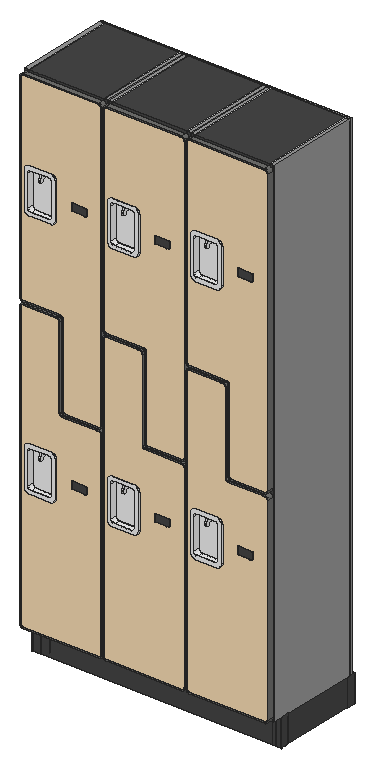
Revit family "Wood_Lockers-Salsbury_Industries-37000_Series-3_Wide_Units", category Specialty Equipment, Revit 2016 (continued)
Definition of nested family "Wood Locker S-Style Top Doors"
  Forms (in)
    Extrusion 11, void
      sketch origin (-2.9375, 0, 0) x (0, 0, -1) y (0, -1, 0)
        loop
          circle (-29.687, 0) r 0.175
      from -0.156 to 0.156
    Extrusion 12, solid, detail levels fine
      sketch origin (0, 0.375, 0) x (1, 0, 0) y (0, 0, 1)
        loop
          circle (-5.4125, 41.537) r 0.25
      from 0 to -0.25
    Extrusion 13, solid, detail levels fine
      sketch origin (0, 0.375, 0) x (1, 0, 0) y (0, 0, 1)
        loop
          line (5.3125, 38.812) -> (5.3125, 39.312) -> (4.8125, 39.312) -> (4.8125, 38.812) -> (5.3125, 38.812)
      from 0 to -0.25
    Extrusion 14, solid, detail levels fine
      sketch origin (0, 0.375, -0.25) x (1, 0, 0) y (0, 0, 1)
        loop
          line (5.3125, 3) -> (5.3125, 3.5) -> (4.8125, 3.5) -> (4.8125, 3) -> (5.3125, 3)
      from 0 to -0.25
    Extrusion 15, solid, visible <- "Visible Center Hinge", detail levels fine
      sketch origin (0, 0.375, -0.25) x (1, 0, 0) y (0, 0, 1)
        loop
          line (5.3125, 21.031) -> (5.3125, 21.531) -> (4.8125, 21.531) -> (4.8125, 21.031) -> (5.3125, 21.031)
      from 0 to -0.25
  Cuts and joins
    Extrusion 5, Extrusion 7, Extrusion 11 cuts Extrusion 1
    Extrusion 5, Extrusion 7 cuts Extrusion 3
    Extrusion 7 cuts Extrusion 2
    Extrusion 9, Extrusion 11 cuts Extrusion 8
    Extrusion 11 cuts Sweep 4
    Extrusion 11 cuts Extrusion 10
  Lines and regions (in)
    symbolic lines
      curve 1: line (-5.9375, 0.375, 41.937) -> (5.9375, 0.375, 41.937)
      curve 2: line (-5.9375, -0.375, 41.937) -> (-5.9375, 0.375, 41.937)
      curve 3: line (5.9375, -0.375, 41.937) -> (-5.9375, -0.375, 41.937)
      curve 4: line (5.9375, 0.375, 41.937) -> (5.9375, -0.375, 41.937)
      curve 5: line (-5.6625, 0.375, 41.937) -> (-5.6625, 0.625, 41.937)
      curve 6: line (-5.1616175, 0.375, 41.937) -> (-5.1616175, 0.625, 41.937)
      curve 7: line (-5.1616175, 0.625, 41.937) -> (-5.6625, 0.625, 41.937)
      curve 8: line (4.8125, 0.375, 41.937) -> (4.8125, 0.625, 41.937)
      curve 9: line (5.3125, 0.375, 41.937) -> (5.3125, 0.625, 41.937)
      curve 10: line (5.3125, 0.625, 41.937) -> (4.8125, 0.625, 41.937)
      curve 11: line (-5.1875, -0.375, 41.937) -> (-5.1875, -0.5, 41.937)
      curve 12: line (-5.1875, -0.5, 41.937) -> (-0.6875, -0.5, 41.937)
      curve 13: line (-0.6875, -0.5, 41.937) -> (-0.6875, -0.375, 41.937)
      curve 14: line (-2.9375, -0.375, 42.062) -> (-2.9375, 0.375, 42.062)
      curve 15: line (-2.9375, -0.375, 0) -> (-2.9375, -0.375, 42.062)
      curve 16: line (-2.9375, 0.375, 0) -> (-2.9375, -0.375, 0)
      curve 17: line (-2.9375, 0.375, 42.062) -> (-2.9375, 0.375, 0)
      curve 18: line (-2.9375, 0.375, 41.2876719) -> (-2.9375, 0.625, 41.2876719)
      curve 19: line (-2.9375, 0.625, 41.2876719) -> (-2.9375, 0.625, 41.787)
      curve 20: line (-2.9375, 0.625, 41.787) -> (-2.9375, 0.375, 41.787)
      curve 21: line (-2.9375, -0.375, 30.562) -> (-2.9375, -0.5, 30.562)
      curve 22: line (-2.9375, -0.5, 30.562) -> (-2.9375, -0.5, 24.062)
      curve 23: line (-2.9375, -0.5, 24.062) -> (-2.9375, -0.375, 24.062)
      curve 24: line (-2.9375, 0.375, 39.312) -> (-2.9375, 0.625, 39.312)
      curve 25: line (-2.9375, 0.625, 39.312) -> (-2.9375, 0.625, 38.812)
      curve 26: line (-2.9375, 0.625, 38.812) -> (-2.9375, 0.375, 38.812)
      curve 27: line (-2.9375, 0.375, 3.25) -> (-2.9375, 0.625, 3.25)
      curve 28: line (-2.9375, 0.625, 3.25) -> (-2.9375, 0.625, 2.75)
      curve 29: line (-2.9375, 0.625, 2.75) -> (-2.9375, 0.375, 2.75)
      curve 30: arc (-5.9375, 0.375, 41.537) -> (-5.7837311, 0.375, 41.9082311) -> (-5.4125, 0.375, 42.062) r 0.525
      curve 31: arc (5.9375, 0.375, 41.537) -> (5.7837311, 0.375, 41.9082311) -> (5.4125, 0.375, 42.062) r 0.525
      curve 32: arc (-5.4125, 0.375, 12.562) -> (-5.7837311, 0.375, 12.7157689) -> (-5.9375, 0.375, 13.087) r 0.525
      curve 33: arc (-0.1495, 0.375, 12.562) -> (0.0449544, 0.375, 12.4814544) -> (0.1255, 0.375, 12.287) r 0.275
      curve 34: arc (5.4125, 0.375, 0) -> (5.7837311, 0.375, 0.1537689) -> (5.9375, 0.375, 0.525) r 0.525
      curve 35: arc (0.6505, 0.375, 0) -> (0.2792689, 0.375, 0.1537689) -> (0.1255, 0.375, 0.525) r 0.525
      curve 36: line (0.6505, 0.375, 0) -> (5.4125, 0.375, 0)
      curve 37: line (5.9375, 0.375, 0.525) -> (5.9375, 0.375, 41.537)
      curve 38: line (5.4125, 0.375, 42.062) -> (-5.4125, 0.375, 42.062)
      curve 39: line (-5.9375, 0.375, 41.537) -> (-5.9375, 0.375, 13.087)
      curve 40: line (-5.4125, 0.375, 12.562) -> (-0.1495, 0.375, 12.562)
      curve 41: line (0.1255, 0.375, 12.287) -> (0.1255, 0.375, 0.525)
      curve 42: arc (1.5, 0.375, 27.6943424) -> (1.5436872, 0.375, 27.7998128) -> (1.6491576, 0.375, 27.8435) r 0.1491576
      curve 43: arc (1.6491576, 0.375, 26.7805) -> (1.5436872, 0.375, 26.8241872) -> (1.5, 0.375, 26.9296576) r 0.1491576
      curve 44: arc (3.6008424, 0.375, 26.7805) -> (3.7063128, 0.375, 26.8241872) -> (3.75, 0.375, 26.9296576) r 0.1491576
      curve 45: arc (3.75, 0.375, 27.6943424) -> (3.7063128, 0.375, 27.7998128) -> (3.6008424, 0.375, 27.8435) r 0.1491576
      curve 46: line (3.6008424, 0.375, 27.8435) -> (1.6491576, 0.375, 27.8435)
      curve 47: line (1.5, 0.375, 27.6943424) -> (1.5, 0.375, 26.9296576)
      curve 48: line (1.6491576, 0.375, 26.7805) -> (3.6008424, 0.375, 26.7805)
      curve 49: line (3.75, 0.375, 26.9296576) -> (3.75, 0.375, 27.6943424)
      curve 50: arc (-5.1875, 0.375, 29.812) -> (-4.9678301, 0.375, 30.3423301) -> (-4.4375, 0.375, 30.562) r 0.75
      curve 51: arc (-0.6875, 0.375, 29.812) -> (-0.9071699, 0.375, 30.3423301) -> (-1.4375, 0.375, 30.562) r 0.75
      curve 52: arc (-1.4375, 0.375, 24.062) -> (-0.9071699, 0.375, 24.2816699) -> (-0.6875, 0.375, 24.812) r 0.75
      curve 53: arc (-4.4375, 0.375, 24.062) -> (-4.9678301, 0.375, 24.2816699) -> (-5.1875, 0.375, 24.812) r 0.75
      curve 54: line (-4.4375, 0.375, 24.062) -> (-1.4375, 0.375, 24.062)
      curve 55: line (-0.6875, 0.375, 24.812) -> (-0.6875, 0.375, 29.812)
      curve 56: line (-1.4375, 0.375, 30.562) -> (-4.4375, 0.375, 30.562)
      curve 57: line (-5.1875, 0.375, 29.812) -> (-5.1875, 0.375, 24.812)
      curve 58: arc (-4.6875, 0.375, 29.562) -> (-4.5410534, 0.375, 29.9155534) -> (-4.1875, 0.375, 30.062) r 0.5
      curve 59: arc (-1.1875, 0.375, 29.562) -> (-1.3339466, 0.375, 29.9155534) -> (-1.6875, 0.375, 30.062) r 0.5
      curve 60: arc (-1.6875, 0.375, 24.562) -> (-1.3339466, 0.375, 24.7084466) -> (-1.1875, 0.375, 25.062) r 0.5
      curve 61: arc (-4.1875, 0.375, 24.562) -> (-4.5410534, 0.375, 24.7084466) -> (-4.6875, 0.375, 25.062) r 0.5
      curve 62: line (-4.6875, 0.375, 29.562) -> (-4.6875, 0.375, 25.062)
      curve 63: line (-4.1875, 0.375, 24.562) -> (-1.6875, 0.375, 24.562)
      curve 64: line (-1.1875, 0.375, 25.062) -> (-1.1875, 0.375, 29.562)
      curve 65: line (-1.6875, 0.375, 30.062) -> (-4.1875, 0.375, 30.062)
      curve 66: line (-3.0935, 0.375, 30.062) -> (-3.0935, 0.375, 28.937)
      curve 67: line (-3.0935, 0.375, 28.937) -> (-2.7815, 0.375, 28.937)
      curve 68: line (-2.7815, 0.375, 28.937) -> (-2.7815, 0.375, 30.062)
  Dimensions and locks (in)
    equal spacing: plane 4 "Left Side of Door", plane 3 "Center (Left/Right)", plane 5 "Right Side of Door"
    "Width": plane 4 "Left Side of Door" to plane 5 "Right Side of Door"
    equal spacing: plane 7 "Front of Door", plane 1 "Center (Front/Back)", plane 6 "Back of Door"
    "Depth": plane 7 "Front of Door" to plane 6 "Back of Door"
    equal spacing: plane 9 "Top of Door", plane 10 "Center of Door", plane 8 "Bottom of Door"
    "Height": plane 9 "Top of Door" to plane 8 "Bottom of Door"
    equal spacing: plane 11 "Top of Number Tag", plane 16 "Center of Number Tag", plane 12 "Bottom of Number Tag"
    "Number Tag Height": plane 11 "Top of Number Tag" to plane 12 "Bottom of Number Tag"
    equal spacing: plane 14 "Right Side of Number Tag", plane 15 "Horizontal Center of Number Tag", plane 13 "Left Side of Number Tag"
    "Number Tag Width": plane 14 "Right Side of Number Tag" to plane 13 "Left Side of Number Tag"
    "Number Tag-Horizontal Offset": plane 15 "Horizontal Center of Number Tag" to plane 5 "Right Side of Door"
    "Number Tag-Vertical Offset": plane 9 "Top of Door" to plane 16 "Center of Number Tag"
    locked: plane 4 "Left Side of Door" to plane 17 "Left Side of Hasp" at 0.75
    equal spacing: plane 20 "Top of Hasp", plane 19 "Hasp Vertical Center", plane 21 "Bottom of Hasp", locked at 3.25 each
    plane 20 "Top of Hasp" to plane 21 "Bottom of Hasp" = 6.500"
    plane 22 "Front of Hasp" to plane 7 "Front of Door" = 0.125"
    locked: plane 24 "Right Side of Door-Left Side of Trim" to plane 5 "Right Side of Door" at 0.125
    locked: plane 4 "Left Side of Door" to plane 23 "Left Side of Door-Right Side of Trim" at 0.125
    locked: plane 9 "Top of Door" to plane 25 "Top of Door-Bottom of Trim" at 0.125
    locked: plane 26 "Bottom of Door-Top of Trim" to plane 8 "Bottom of Door" at 0.125
    plane 28 "Melamine-Particleboard Line" to plane 6 "Back of Door" = 0.031"
    plane 7 "Front of Door" to plane 27 "Laminate-Particleboard Line" = 0.031"
    plane 27 "Laminate-Particleboard Line" to plane 29 "Back of Number Plate Inset" = 0.031"
    equal spacing: plane 18 "Right Side of Hasp", plane 30 "Center of Hasp", plane 17 "Left Side of Hasp"
    locked: plane 18 "Right Side of Hasp" to plane 17 "Left Side of Hasp" at 4.5
    plane 20 "Top of Hasp" to plane 33 "Hasp Inset-Top" = 0.500"
    plane 34 "Hasp Inset-Bottom" to plane 21 "Bottom of Hasp" = 0.500"
    plane 31 "Hasp Inset-Left" to plane 17 "Left Side of Hasp" = 0.500"
    plane 20 "Top of Hasp" to plane 36 to plane 35 to plane 33 "Hasp Inset-Top" = 0.156", 0.188", 0.156"
    plane 37 "Hasp Letters - Left Side" to plane 30 "Center of Hasp" to plane 38 "Hasp Letters - Right Side" = 0.906", 0.906"
    plane 32 "Hasp Inset-Right" to plane 18 "Right Side of Hasp" = 0.500"
    plane 40 "Hasp Handle - Right Side" to plane 30 "Center of Hasp" to plane 39 "Hasp Handle - Left Side" = 0.156", 0.156"
    plane 33 "Hasp Inset-Top" to plane 42 "Hasp Handle - Lip" to plane 43 "Hasp Handle - Lock Area Bottom" to plane 41 "Hasp Handle - Bottom" = 0.688", 0.062", 0.375"
    plane 48 "Top of Hasp Hole" to plane 33 "Hasp Inset-Top" to plane 44 "Hasp Handle - Center of Lock Hole" = 0.063", 0.375"
    plane 22 "Front of Hasp" to plane 45 = 0.312"
    plane 6 "Back of Door" to plane 46 "Door Stopper Plane" = 0.250"
    plane 32 "Hasp Inset-Right" to plane 50 "Right Side of Hasp Hole" = 0.0625"
    plane 34 "Hasp Inset-Bottom" to plane 47 "Bottom of Hasp Hole" = 0.063"
    plane 49 "Left Side of Hasp Hole" to plane 31 "Hasp Inset-Left" = 0.063"
    locked: plane 23 "Left Side of Door-Right Side of Trim" to plane 51 at 0.4
    locked: plane 25 "Top of Door-Bottom of Trim" to plane 52 at 0.4
    plane 54 to plane 5 "Right Side of Door" = 0.625"
    plane 59 to plane 57 = 0.125"
    plane 58 to plane 56 "Long Panel Edge" = 3.250"
    plane 9 "Top of Door" to plane 53 "Top Hinge" = 3.000"
    "Short Panel Edge": plane 9 "Top of Door" to plane 57
    "Long Panel Edge": plane 56 "Long Panel Edge" to plane 5 "Right Side of Door"
    Extrusion 2 sketch curve to plane 5 "Right Side of Door" = 0.125"
    plane 56 "Long Panel Edge" to plane 60 = 0.125"
    "Hasp Vertical Offset": plane 9 "Top of Door" to plane 19 "Hasp Vertical Center"
    aligned and locked: level to plane 2
    aligned and locked: Extrusion 5 to plane 11 "Top of Number Tag"
    aligned and locked: plane 12 "Bottom of Number Tag" to Extrusion 5
    aligned and locked: plane 14 "Right Side of Number Tag" to Extrusion 5
    aligned and locked: Extrusion 5 to plane 13 "Left Side of Number Tag"
    aligned and locked: Extrusion 5 to plane 29 "Back of Number Plate Inset"
    aligned and locked: plane 7 "Front of Door" to Extrusion 5
    aligned and locked: Extrusion 6 to plane 29 "Back of Number Plate Inset"
    aligned and locked: plane 7 "Front of Door" to Extrusion 6
    aligned and locked: plane 14 "Right Side of Number Tag" to Extrusion 6
    aligned and locked: Extrusion 6 to plane 13 "Left Side of Number Tag"
    aligned and locked: Extrusion 6 to plane 11 "Top of Number Tag"
    aligned and locked: plane 12 "Bottom of Number Tag" to Extrusion 6
    aligned and locked: cut or joined group of Extrusion 3, Extrusion 5, Extrusion 7 to plane 48 "Top of Hasp Hole"
    aligned and locked: plane 47 "Bottom of Hasp Hole" to cut or joined group of Extrusion 3, Extrusion 5, Extrusion 7
    aligned and locked: plane 49 "Left Side of Hasp Hole" to cut or joined group of Extrusion 3, Extrusion 5, Extrusion 7
    aligned and locked: cut or joined group of Extrusion 3, Extrusion 5, Extrusion 7 to plane 50 "Right Side of Hasp Hole"
    aligned and locked: Extrusion 10 to plane 33 "Hasp Inset-Top"
    aligned and locked: plane 41 "Hasp Handle - Bottom" to Extrusion 10
    aligned and locked: curve 1 to cut or joined group of Sweep 4, Extrusion 11
    aligned and locked: curve 2 to cut or joined group of Sweep 4, Extrusion 11
    aligned and locked: curve 3 to cut or joined group of Sweep 4, Extrusion 11
    aligned and locked: curve 4 to cut or joined group of Sweep 4, Extrusion 11
    aligned and locked: plane 46 "Door Stopper Plane" to curve 5
    aligned and locked: curve 7 to Extrusion 12
    aligned and locked: curve 1 to curve 8
    aligned and locked: curve 8 to Extrusion 13
    aligned and locked: curve 9 to Extrusion 13
    aligned and locked: curve 10 to Extrusion 13
    aligned and locked: plane 17 "Left Side of Hasp" to curve 11
    aligned and locked: curve 12 to cut or joined group of Extrusion 8, Extrusion 9, Extrusion 11
    aligned and locked: curve 13 to cut or joined group of Extrusion 8, Extrusion 9, Extrusion 11
    aligned and locked: curve 14 to cut or joined group of Sweep 4, Extrusion 11
    aligned and locked: curve 15 to cut or joined group of Sweep 4, Extrusion 11
    aligned and locked: curve 16 to cut or joined group of Sweep 4, Extrusion 11
    aligned and locked: curve 17 to cut or joined group of Sweep 4, Extrusion 11
    aligned and locked: curve 19 to Extrusion 12
    aligned and locked: plane 20 "Top of Hasp" to curve 21
    aligned and locked: curve 22 to cut or joined group of Extrusion 8, Extrusion 9, Extrusion 11
    aligned and locked: curve 23 to cut or joined group of Extrusion 8, Extrusion 9, Extrusion 11
    aligned and locked: curve 24 to Extrusion 13  (x2)
    aligned and locked: curve 26 to Extrusion 13
    aligned and locked: curve 17 to curve 27
    aligned and locked: curve 27 to Extrusion 14
    aligned and locked: curve 28 to Extrusion 14
    aligned and locked: curve 29 to Extrusion 14
    aligned and locked: cut or joined group of Sweep 4, Extrusion 11 to curve 30
    aligned and locked: curve 30 to cut or joined group of Sweep 4, Extrusion 11
    aligned and locked: curve 31 to cut or joined group of Sweep 4, Extrusion 11
    aligned and locked: cut or joined group of Sweep 4, Extrusion 11 to curve 32
    aligned and locked: curve 32 to cut or joined group of Sweep 4, Extrusion 11
    aligned and locked: curve 33 to cut or joined group of Sweep 4, Extrusion 11
    aligned and locked: curve 34 to cut or joined group of Sweep 4, Extrusion 11
    aligned and locked: cut or joined group of Sweep 4, Extrusion 11 to curve 35
    aligned and locked: curve 35 to cut or joined group of Sweep 4, Extrusion 11
    aligned and locked: curve 37 to cut or joined group of Sweep 4, Extrusion 11
    aligned and locked: curve 38 to cut or joined group of Sweep 4, Extrusion 11
    aligned and locked: curve 41 to cut or joined group of Sweep 4, Extrusion 11
    aligned and locked: cut or joined group of Extrusion 1, Extrusion 5, Extrusion 7, Extrusion 11 to curve 42
    aligned and locked: curve 42 to cut or joined group of Extrusion 1, Extrusion 5, Extrusion 7, Extrusion 11
    aligned and locked: curve 43 to cut or joined group of Extrusion 1, Extrusion 5, Extrusion 7, Extrusion 11
    aligned and locked: curve 45 to cut or joined group of Extrusion 1, Extrusion 5, Extrusion 7, Extrusion 11
    aligned and locked: curve 46 to cut or joined group of Extrusion 1, Extrusion 5, Extrusion 7, Extrusion 11
    aligned and locked: curve 48 to cut or joined group of Extrusion 1, Extrusion 5, Extrusion 7, Extrusion 11
    aligned and locked: curve 49 to cut or joined group of Extrusion 1, Extrusion 5, Extrusion 7, Extrusion 11
    aligned and locked: cut or joined group of Extrusion 8, Extrusion 9, Extrusion 11 to curve 50
    aligned and locked: cut or joined group of Extrusion 8, Extrusion 9, Extrusion 11 to curve 51
    aligned and locked: curve 51 to cut or joined group of Extrusion 8, Extrusion 9, Extrusion 11
    aligned and locked: cut or joined group of Extrusion 8, Extrusion 9, Extrusion 11 to curve 52
    aligned and locked: curve 52 to cut or joined group of Extrusion 8, Extrusion 9, Extrusion 11
    aligned and locked: cut or joined group of Extrusion 8, Extrusion 9, Extrusion 11 to curve 53
    aligned and locked: curve 54 to cut or joined group of Extrusion 8, Extrusion 9, Extrusion 11
    aligned and locked: curve 57 to cut or joined group of Extrusion 8, Extrusion 9, Extrusion 11
    aligned and locked: curve 59 to cut or joined group of Extrusion 8, Extrusion 9, Extrusion 11
    aligned and locked: cut or joined group of Extrusion 8, Extrusion 9, Extrusion 11 to curve 59
    aligned and locked: curve 60 to cut or joined group of Extrusion 8, Extrusion 9, Extrusion 11
    aligned and locked: curve 61 to cut or joined group of Extrusion 8, Extrusion 9, Extrusion 11
    aligned and locked: curve 62 to cut or joined group of Extrusion 8, Extrusion 9, Extrusion 11
    aligned and locked: curve 63 to cut or joined group of Extrusion 8, Extrusion 9, Extrusion 11
    aligned and locked: curve 64 to cut or joined group of Extrusion 8, Extrusion 9, Extrusion 11
    aligned and locked: curve 65 to curve 66
    aligned and locked: curve 66 to cut or joined group of Extrusion 10, Extrusion 11
    aligned and locked: curve 67 to cut or joined group of Extrusion 10, Extrusion 11
    aligned and locked: curve 68 to cut or joined group of Extrusion 10, Extrusion 11
  Automatic sketch dimensions
    Extrusion 5 sketch curve to plane 13 "Left Side of Number Tag" = 0.000"
    Extrusion 5 sketch curve to plane 12 "Bottom of Number Tag" = 0.000"
    Extrusion 5 sketch curve to plane 11 "Top of Number Tag" = 0.000"
    Extrusion 5 sketch curve to plane 14 "Right Side of Number Tag" = 0.000"
    Extrusion 5 sketch curve to Extrusion 5 sketch curve = 0.14916"  (x3)
    plane 11 "Top of Number Tag" to Extrusion 5 sketch curve = 0.14916"
    plane 13 "Left Side of Number Tag" to Extrusion 6 sketch curve = 0.000"
    plane 11 "Top of Number Tag" to Extrusion 6 sketch curve = 0.000"
    plane 13 "Left Side of Number Tag" to Extrusion 6 sketch curve = 0.14916"  (x2)
    Extrusion 6 sketch curve to plane 14 "Right Side of Number Tag" = 0.14916"
    Extrusion 6 sketch curve to plane 14 "Right Side of Number Tag" = 0.000"
    Extrusion 6 sketch curve to plane 12 "Bottom of Number Tag" = 0.14916"
    Extrusion 6 sketch curve to plane 12 "Bottom of Number Tag" = 0.000"
    plane 31 "Hasp Inset-Left" to Extrusion 7 sketch curve = 0.063"
    plane 34 "Hasp Inset-Bottom" to Extrusion 7 sketch curve = 0.063"
    Extrusion 7 sketch curve to plane 33 "Hasp Inset-Top" = 0.063"
    Extrusion 7 sketch curve to plane 32 "Hasp Inset-Right" = 0.0625"
    Extrusion 7 sketch curve to plane 31 "Hasp Inset-Left" = 0.437"
    plane 37 "Hasp Letters - Left Side" to Extrusion 7 sketch curve = 0.407"
    Extrusion 7 sketch curve to plane 38 "Hasp Letters - Right Side" = 0.4065"
    Extrusion 7 sketch curve to Extrusion 7 sketch curve = 0.500"
    Extrusion 8 sketch curve to plane 18 "Right Side of Hasp" = 0.000"
    Extrusion 8 sketch curve to plane 20 "Top of Hasp" = 0.000"
    Extrusion 8 sketch curve to plane 21 "Bottom of Hasp" = 0.000"
    Extrusion 8 sketch curve to plane 17 "Left Side of Hasp" = 0.000"
    plane 32 "Hasp Inset-Right" to Extrusion 8 sketch curve = 0.250"
    Extrusion 8 sketch curve to plane 44 "Hasp Handle - Center of Lock Hole" = 0.125"
    Extrusion 8 sketch curve to plane 31 "Hasp Inset-Left" = 0.250"  (x2)
    plane 31 "Hasp Inset-Left" to Extrusion 9 sketch curve = 0.000"
    Extrusion 9 sketch curve to plane 33 "Hasp Inset-Top" = 0.000"
    Extrusion 9 sketch curve to plane 34 "Hasp Inset-Bottom" = 0.000"
    plane 32 "Hasp Inset-Right" to Extrusion 9 sketch curve = 0.000"
    plane 37 "Hasp Letters - Left Side" to Extrusion 9 sketch curve = 0.344"  (x2)
    Extrusion 9 sketch curve to plane 38 "Hasp Letters - Right Side" = 0.344"
    plane 44 "Hasp Handle - Center of Lock Hole" to Extrusion 9 sketch curve = 0.125"
    Extrusion 10 sketch curve to plane 28 "Melamine-Particleboard Line" = 0.000"
    plane 33 "Hasp Inset-Top" to Extrusion 10 sketch curve = 0.000"
    Extrusion 10 sketch curve to plane 27 "Laminate-Particleboard Line" = 0.000"
    plane 43 "Hasp Handle - Lock Area Bottom" to Extrusion 10 sketch curve = 0.000"
    Extrusion 10 sketch curve to plane 22 "Front of Hasp" = 0.000"
    Extrusion 10 sketch curve to plane 45 = 0.000"
    plane 41 "Hasp Handle - Bottom" to Extrusion 10 sketch curve = 0.000"
    Extrusion 10 sketch curve to plane 42 "Hasp Handle - Lip" = 0.07049"
    Extrusion 10 sketch curve to plane 42 "Hasp Handle - Lip" = 0.06247"
    plane 43 "Hasp Handle - Lock Area Bottom" to Extrusion 10 sketch curve = 0.02394"
    plane 1 "Center (Front/Back)" to Extrusion 10 sketch curve = 0.063"
    Extrusion 10 sketch curve to plane 41 "Hasp Handle - Bottom" = 0.09888"  (x2)
    Extrusion 10 sketch curve to plane 29 "Back of Number Plate Inset" = 0.03992"
    Extrusion 10 sketch curve to Extrusion 10 sketch curve = 0.100"
    plane 7 "Front of Door" to Extrusion 10 sketch curve = 0.04375"
    Extrusion 11 sketch curve to plane 1 "Center (Front/Back)" = 0.000"
    plane 44 "Hasp Handle - Center of Lock Hole" to Extrusion 11 sketch curve = 0.000"
    Extrusion 12 sketch curve to plane 51 = 0.000"
    Extrusion 12 sketch curve to plane 52 = 0.000"
    plane 53 "Top Hinge" to Extrusion 13 sketch curve = 0.250"
    plane 54 to Extrusion 13 sketch curve = 0.000"
    Extrusion 13 sketch curve to plane 53 "Top Hinge" = 0.250"
    plane 54 to Extrusion 13 sketch curve = 0.500"
    plane 55 "Bottom Hinge" to Extrusion 14 sketch curve = 0.250"
    plane 54 to Extrusion 14 sketch curve = 0.000"
    plane 54 to Extrusion 14 sketch curve = 0.500"
    Extrusion 14 sketch curve to plane 55 "Bottom Hinge" = 0.250"
    plane 10 "Center of Door" to Extrusion 15 sketch curve = 0.250"
    plane 54 to Extrusion 15 sketch curve = 0.000"
    plane 54 to Extrusion 15 sketch curve = 0.500"
    Extrusion 15 sketch curve to plane 10 "Center of Door" = 0.250"
    plane 23 "Left Side of Door-Right Side of Trim" to Extrusion 3 sketch curve = 0.000"
    Extrusion 3 sketch curve to plane 25 "Top of Door-Bottom of Trim" = 0.000"
    plane 51 to Extrusion 3 sketch curve = 0.000"  (x2)
    Extrusion 3 sketch curve to plane 59 = 0.000"
    plane 60 to Extrusion 3 sketch curve = 0.000"
    Extrusion 3 sketch curve to plane 26 "Bottom of Door-Top of Trim" = 0.000"
    Extrusion 3 sketch curve to plane 52 = 0.000"
    plane 24 "Right Side of Door-Left Side of Trim" to Extrusion 3 sketch curve = 0.000"
    Extrusion 3 sketch curve to plane 3 "Center (Left/Right)" = 0.1495"
    Extrusion 3 sketch curve to plane 60 = 0.400"
    Extrusion 3 sketch curve to plane 54 = 0.100"
    plane 23 "Left Side of Door-Right Side of Trim" to Extrusion 1 sketch curve = 0.000"
    plane 51 to Extrusion 1 sketch curve = 0.000"  (x2)
    Extrusion 1 sketch curve to plane 25 "Top of Door-Bottom of Trim" = 0.000"
    Extrusion 1 sketch curve to plane 59 = 0.000"
    plane 60 to Extrusion 1 sketch curve = 0.000"
    Extrusion 1 sketch curve to plane 26 "Bottom of Door-Top of Trim" = 0.000"
    Extrusion 1 sketch curve to plane 52 = 0.000"
    plane 24 "Right Side of Door-Left Side of Trim" to Extrusion 1 sketch curve = 0.000"
    Extrusion 1 sketch curve to plane 3 "Center (Left/Right)" = 0.1495"
    Extrusion 1 sketch curve to plane 60 = 0.400"
    Extrusion 1 sketch curve to plane 54 = 0.100"
    plane 23 "Left Side of Door-Right Side of Trim" to Extrusion 2 sketch curve = 0.000"
    plane 51 to Extrusion 2 sketch curve = 0.000"  (x2)
    Extrusion 2 sketch curve to plane 25 "Top of Door-Bottom of Trim" = 0.000"
    Extrusion 2 sketch curve to plane 59 = 0.000"
    plane 60 to Extrusion 2 sketch curve = 0.000"
    Extrusion 2 sketch curve to plane 26 "Bottom of Door-Top of Trim" = 0.000"
    Extrusion 2 sketch curve to plane 52 = 0.000"
    Extrusion 2 sketch curve to plane 3 "Center (Left/Right)" = 0.1495"
    Extrusion 2 sketch curve to plane 60 = 0.400"
    Extrusion 2 sketch curve to plane 54 = 0.100"
    Sweep 4 sketch curve to profile plane = 0.000"
    Sweep 4 sketch curve to Sweep 4 sketch curve = 0.125"
    Sweep 4 sketch curve to plane 1 "Center (Front/Back)" = 0.375"
    plane 1 "Center (Front/Back)" to Sweep 4 sketch curve = 0.375"
    plane 23 "Left Side of Door-Right Side of Trim" to Sweep 4 sketch curve = 0.000"
    plane 51 to Sweep 4 sketch curve = 0.000"  (x2)
    Sweep 4 sketch curve to plane 59 = 0.000"
    plane 60 to Sweep 4 sketch curve = 0.000"
    Sweep 4 sketch curve to plane 26 "Bottom of Door-Top of Trim" = 0.000"
    Sweep 4 sketch curve to plane 25 "Top of Door-Bottom of Trim" = 0.000"
    Sweep 4 sketch curve to plane 52 = 0.000"
    plane 24 "Right Side of Door-Left Side of Trim" to Sweep 4 sketch curve = 0.000"
    Sweep 4 sketch curve to plane 3 "Center (Left/Right)" = 0.1495"
    Sweep 4 sketch curve to plane 60 = 0.400"
    Sweep 4 sketch curve to plane 54 = 0.100"
    curve 5 to plane 23 "Left Side of Door-Right Side of Trim" = 0.150"
    plane 17 "Left Side of Hasp" to curve 6 = 0.02588"
    plane 25 "Top of Door-Bottom of Trim" to curve 19 = 0.150"
    curve 19 to plane 52 = 0.24933"
    plane 51 to curve 40 = 0.000"
    plane 51 to curve 30 = 0.000"
    curve 31 to plane 52 = 0.000"
    curve 50 to plane 44 "Hasp Handle - Center of Lock Hole" = 0.125"
    curve 54 to plane 31 "Hasp Inset-Left" = 0.250"
    plane 44 "Hasp Handle - Center of Lock Hole" to curve 58 = 0.125"
    plane 37 "Hasp Letters - Left Side" to curve 63 = 0.344"
    curve 60 to plane 38 "Hasp Letters - Right Side" = 0.344"
    plane 44 "Hasp Handle - Center of Lock Hole" to curve 59 = 0.125"
    plane 32 "Hasp Inset-Right" to curve 52 = 0.250"
    curve 51 to plane 44 "Hasp Handle - Center of Lock Hole" = 0.125"
    curve 33 to plane 3 "Center (Left/Right)" = 0.1495"
    curve 36 to plane 60 = 0.400"
    curve 47 to curve 43 = 0.14916"
    plane 13 "Left Side of Number Tag" to curve 46 = 0.14916"
    curve 46 to plane 14 "Right Side of Number Tag" = 0.14916"
    curve 44 to curve 44 = 0.14916"
    curve 36 to plane 54 = 0.100"
    radius of Extrusion 11 sketch curve = 0.175"
    radius of Extrusion 12 sketch curve = 0.250"
Definition of nested family "Wood Locker Sloping Corner Fillers"
  Parameters (values of type "33377 - for 15" D Lockers")
    Width = 16.875"
    Visible = yes
    Version = "1.0 (2/29/16)"
    Type Comments = "Sloping Hood Corner Filler for Designer Wood Lockers"
    Model = "33377"
    Manufacturer = "Salsbury Industries"
    Laminate Surface = none
    Height = 5.743"
    Description = "For 15\" D Lockers"
    Depth = 16.875"
  Types (8): name | Width | Visible | Version | Type Comments | Model | Manufacturer | Height | Description | Depth
    (no name) | 16.875" | yes | "1.0 (2/29/16)" | "Sloping Hood Corner Filler for Designer Wood Lockers" | "33377" | "Salsbury Industries" | 5.743" | "For 15\" D Lockers" | 16.875"
    33377 - for 15" D Lockers | 16.875" | yes | "1.0 (2/29/16)" | "Sloping Hood Corner Filler for Designer Wood Lockers" | "33377" | "Salsbury Industries" | 5.743" | "For 15\" D Lockers" | 16.875"
    33378 - for 18" D Lockers | 19.875" | yes | "1.0 (2/29/16)" | "Sloping Hood Corner Filler for Designer Wood Lockers" | "33378" | "Salsbury Industries" | 6.868" | "For 18\" D Lockers" | 19.875"
    33371 - for 21" D Lockers | 22.875" | yes | "1.0 (2/29/16)" | "Sloping Hood Corner Filler for Designer Wood Lockers" | "33371" | "Salsbury Industries" | 7.993" | "For 21\" D Lockers" | 22.875"
    22279 - for 24" D Lockers | 25.875" | yes | "1.0 (2/29/16)" | "Sloping Hood Corner Filler for Extra Wide Designer Wood Lockers" | "22279" | "Salsbury Industries" | 9.118" | "For 24\" D Lockers" | 25.875"
    None | 16.875" | no | "" | "" | "" | "" | 5.743" | "" | 16.875"
    22278 - for 18" D Lockers | 19.875" | yes | "1.0 (2/29/16)" | "Sloping Hood Corner Filler for Extra Wide Designer Wood Lockers" | "22278" | "Salsbury Industries" | 6.868" | "For 18\" D Lockers" | 19.875"
    22271 - for 21" D Lockers | 22.875" | yes | "1.0 (2/29/16)" | "Sloping Hood Corner Filler for Extra Wide Designer Wood Lockers" | "22271" | "Salsbury Industries" | 7.993" | "For 21\" D Lockers" | 22.875"
  Reference planes (in)
    plane 1 "Center (Front/Back)": y = -0.8125
    plane 2: z = 0
    plane 3 "Center (Left/Right)": x = 0.8125
    plane 4 "Front of Hood": y = -7
    plane 5 "Right Side of Hood": x = 7
    plane 6 "Bottom of Hood": z = 0
    plane 7 "Black Trim Line": y = -6.969
    plane 8: z = 0.062
    plane 9: z = 0.75
    plane 10 "New Back of Hood": y = 7.625
    plane 11 "New Front of Hood": y = -9.25
    plane 12 "New Left Side": x = -7.625
    plane 13 "New Right Side": x = 9.25
    plane 14 "Top": z = 5.743
    plane 15: x = 6.969
  Forms (in)
    Extrusion 1, solid, visible <- "Visible"
      sketch origin (0.8125, 0, 0) x (0, 1, 0) y (0, 0, 1)
        loop
          line (-5.16023, 0) -> (7.625, 4.9943682) -> (7.625, 5.712) -> (-6.9201912, 0.062) -> (-6.969, 0.062) -> (-6.969, 0) -> (-5.16023, 0)
      from -8.4375 to 8.4375
    Extrusion 2, solid, material <- "Laminate Surface", visible <- "Visible"
      sketch origin (0.8125, 0, 0.0002321) x (0, 1, 0) y (0, 0, 1)
        loop
          line (7.625, 5.7427679) -> (-7, 0.0617679) -> (-6.9201912, 0.0617679) -> (7.625, 5.7117679) -> (7.625, 5.7427679)
      from -8.4375 to 8.4375
    Extrusion 3, void
      sketch origin (0, 0, 0) x (0, -1, 0) y (1, 0, 0)
        loop
          line (7, 7) -> (-7.625, -7.625) -> (7, -7.625) -> (7, 7)
      from 0 to 5.743
    Extrusion 4, solid, visible <- "Visible"
      sketch origin (9.25, 0, 0) x (0, -1, 0) y (0, 0, 1)
        loop
          line (7, 0) -> (7, 0.062) -> (6.969, 0.062) -> (6.969, 0) -> (7, 0)
      from 0 to 2.25
    Extrusion 5, solid, visible <- "Visible"
      sketch origin (-1.125, -0.8125, 0) x (1, 0, 0) y (0, 0, 1)
        loop
          line (6.28523, 0) -> (8.094, 0) -> (8.094, 0.062) -> (8.0451912, 0.062) -> (-6.5, 5.712) -> (-6.5, 4.9943682) -> (6.28523, 0)
      from -8.4375 to 8.4375
    Extrusion 6, solid, material <- "Laminate Surface", visible <- "Visible"
      sketch origin (-1.125, -0.8125, 0) x (1, 0, 0) y (0, 0, 1)
        loop
          line (-6.5, 5.743) -> (-6.5, 5.712) -> (8.0451912, 0.062) -> (8.125, 0.062) -> (-6.5, 5.743)
      from -8.4375 to 8.4375
    Extrusion 7, solid, visible <- "Visible"
      sketch origin (0, -7, 0) x (1, 0, 0) y (0, 0, 1)
        loop
          line (7, 0) -> (7, 0.062) -> (6.969, 0.062) -> (6.969, 0) -> (7, 0)
      from 0 to 2.25
    Extrusion 8, void
      sketch origin (9.25, 0, 0) x (0, -1, 0) y (0, 0, 1)
        loop
          line (-7.625, 0) -> (5.16023, 0) -> (-7.625, 4.9943682) -> (-7.625, 0)
      from 0 to 16.875
  Cuts and joins
    Extrusion 3, Extrusion 8 cuts Extrusion 1
    Extrusion 3 cuts Extrusion 2
    Extrusion 8 cuts Extrusion 5
    Extrusion 8 cuts Extrusion 6
  Dimensions and locks (in)
    locked: plane 4 "Front of Hood" to plane 7 "Black Trim Line" at 0.031
    locked: plane 8 to plane 6 "Bottom of Hood" at 0.062
    locked: plane 9 to plane 6 "Bottom of Hood" at 0.75
    "Height": plane 14 "Top" to plane 6 "Bottom of Hood"
    "Width": plane 12 "New Left Side" to plane 13 "New Right Side"
    "Depth": plane 11 "New Front of Hood" to plane 10 "New Back of Hood"
    equal spacing: plane 12 "New Left Side", plane 3 "Center (Left/Right)", plane 13 "New Right Side"
    equal spacing: plane 11 "New Front of Hood", plane 1 "Center (Front/Back)", plane 10 "New Back of Hood"
    locked: plane 5 "Right Side of Hood" to plane 13 "New Right Side" at 2.25
    locked: plane 11 "New Front of Hood" to plane 4 "Front of Hood" at 2.25
    locked: plane 15 to plane 5 "Right Side of Hood" at 0.031
    aligned and locked: level to plane 2
    aligned and locked: plane 12 "New Left Side" to Extrusion 3
    aligned and locked: Extrusion 2 to plane 13 "New Right Side"
    aligned and locked: plane 12 "New Left Side" to cut or joined group of Extrusion 2, Extrusion 3
    aligned and locked: cut or joined group of Extrusion 2, Extrusion 3 to plane 10 "New Back of Hood"
    aligned and locked: plane 12 "New Left Side" to cut or joined group of Extrusion 1, Extrusion 3, Extrusion 8
    aligned and locked: cut or joined group of Extrusion 1, Extrusion 3, Extrusion 8 to plane 13 "New Right Side"
    aligned and locked: cut or joined group of Extrusion 1, Extrusion 3, Extrusion 8 to plane 10 "New Back of Hood"  (x2)
    aligned and locked: plane 4 "Front of Hood" to cut or joined group of Extrusion 2, Extrusion 3
    aligned and locked: Extrusion 3 to cut or joined group of Extrusion 2, Extrusion 3
    aligned and locked: plane 13 "New Right Side" to cut or joined group of Extrusion 1, Extrusion 3, Extrusion 8
    aligned and locked: plane 5 "Right Side of Hood" to Extrusion 4
    aligned and locked: Extrusion 8 to Extrusion 1  (x2)
    aligned and locked: Extrusion 1 to Extrusion 8
    aligned and locked: cut or joined group of Extrusion 1, Extrusion 3, Extrusion 8 to Extrusion 6
    aligned and locked: plane 11 "New Front of Hood" to Extrusion 6
    aligned and locked: plane 12 "New Left Side" to Extrusion 6
    aligned and locked: plane 11 "New Front of Hood" to Extrusion 5
    aligned and locked: plane 12 "New Left Side" to Extrusion 5
    aligned and locked: cut or joined group of Extrusion 1, Extrusion 3, Extrusion 8 to Extrusion 5
  Automatic sketch dimensions
    Extrusion 1 sketch curve to level = 0.000"
    Extrusion 1 sketch curve to plane 7 "Black Trim Line" = 0.000"
    plane 8 to Extrusion 1 sketch curve = 0.000"
    Extrusion 1 sketch curve to plane 10 "New Back of Hood" = 0.000"
    Extrusion 1 sketch curve to Extrusion 1 sketch curve = 0.04881"
    Extrusion 1 sketch curve to Extrusion 1 sketch curve = 1.75996"
    plane 14 "Top" to Extrusion 1 sketch curve = 0.74863"
    plane 14 "Top" to Extrusion 1 sketch curve = 0.031"
    Extrusion 2 sketch curve to plane 4 "Front of Hood" = 0.000"
    plane 8 to Extrusion 2 sketch curve = 0.000"
    Extrusion 2 sketch curve to plane 10 "New Back of Hood" = 0.000"
    plane 14 "Top" to Extrusion 2 sketch curve = 0.000"
    Extrusion 2 sketch curve to plane 7 "Black Trim Line" = 0.04881"
    plane 14 "Top" to Extrusion 2 sketch curve = 0.031"
    plane 10 "New Back of Hood" to Extrusion 3 sketch curve = 0.000"
    plane 4 "Front of Hood" to Extrusion 3 sketch curve = 0.000"
    Extrusion 3 sketch curve to plane 12 "New Left Side" = 0.000"
    Extrusion 3 sketch curve to plane 5 "Right Side of Hood" = 0.000"
    Extrusion 4 sketch curve to level = 0.000"
    Extrusion 4 sketch curve to plane 7 "Black Trim Line" = 0.000"
    Extrusion 4 sketch curve to plane 4 "Front of Hood" = 0.000"
    plane 8 to Extrusion 4 sketch curve = 0.000"
    Extrusion 5 sketch curve to level = 0.000"
    Extrusion 5 sketch curve to plane 8 = 0.000"
    plane 14 "Top" to Extrusion 5 sketch curve = 0.031"
    Extrusion 5 sketch curve to plane 12 "New Left Side" = 0.000"
    plane 5 "Right Side of Hood" to Extrusion 5 sketch curve = 1.83977"
    plane 5 "Right Side of Hood" to Extrusion 5 sketch curve = 0.07981"
    Extrusion 5 sketch curve to Extrusion 5 sketch curve = 0.04881"
    Extrusion 5 sketch curve to Extrusion 5 sketch curve = 0.71763"
    plane 14 "Top" to Extrusion 6 sketch curve = 0.000"
    Extrusion 6 sketch curve to plane 8 = 0.000"
    Extrusion 6 sketch curve to plane 12 "New Left Side" = 0.000"
    plane 5 "Right Side of Hood" to Extrusion 6 sketch curve = 0.07981"
    Extrusion 6 sketch curve to Extrusion 6 sketch curve = 0.07981"
    plane 14 "Top" to Extrusion 6 sketch curve = 0.031"
    Extrusion 7 sketch curve to level = 0.000"
    plane 15 to Extrusion 7 sketch curve = 0.000"
    plane 5 "Right Side of Hood" to Extrusion 7 sketch curve = 0.000"
    Extrusion 7 sketch curve to plane 8 = 0.000"
    Extrusion 8 sketch curve to plane 10 "New Back of Hood" = 0.000"
    Extrusion 8 sketch curve to level = 0.000"
    Extrusion 8 sketch curve to plane 7 "Black Trim Line" = 1.80877"
    plane 14 "Top" to Extrusion 8 sketch curve = 0.74863"
Definition of nested family "Wood Locker Flat Corner Fillers"
  Parameters (values of type "33337 - for 15" D Lockers")
    Width = 16.875"
    Visible = yes
    Version = "1.0 (2/29/16)"
    Type Comments = "Flat Top Corner Filler for Designer Wood Lockers"
    Model = "33337"
    Manufacturer = "Salsbury Industries"
    Laminate Surface = none
    Height = 0.750"
    Description = "For 15\" D Lockers"
    Depth = 16.875"
  Types (8): name | Width | Visible | Version | Type Comments | Model | Manufacturer | Description | Depth
    (no name) | 16.875" | yes | "1.0 (2/29/16)" | "Flat Top Corner Filler for Designer Wood Lockers" | "33337" | "Salsbury Industries" | "For 15\" D Lockers" | 16.875"
    33337 - for 15" D Lockers | 16.875" | yes | "1.0 (2/29/16)" | "Flat Top Corner Filler for Designer Wood Lockers" | "33337" | "Salsbury Industries" | "For 15\" D Lockers" | 16.875"
    None | 15.000" | no | "" | "" | "" | "" | "" | 13.250"
    33338 - for 18" D Lockers | 19.875" | yes | "1.0 (2/29/16)" | "Flat Top Corner Filler for Designer Wood Lockers" | "33338" | "Salsbury Industries" | "For 18\" D Lockers" | 19.875"
    33331 - for 21" D Lockers | 22.875" | yes | "1.0 (2/29/16)" | "Flat Top Corner Filler for Designer Wood Lockers" | "33331" | "Salsbury Industries" | "For 21\" D Lockers" | 22.875"
    22239 - for 24" D Lockers | 25.875" | yes | "1.0 (2/29/16)" | "Flat Top Corner Filler for Extra Wide Designer Wood Lockers" | "22239" | "Salsbury Industries" | "For 24\" D Lockers" | 25.875"
    22232 - for 18" D Lockers | 19.875" | yes | "1.0 (2/29/16)" | "Flat Top Corner Filler for Extra Wide Designer Wood Lockers" | "22232" | "Salsbury Industries" | "For 18\" D Lockers" | 19.875"
    22231 - for 21" D Lockers | 22.875" | yes | "1.0 (2/29/16)" | "Flat Top Corner Filler for Extra Wide Designer Wood Lockers" | "22231" | "Salsbury Industries" | "For 21\" D Lockers" | 22.875"
  Reference planes (in)
    plane 1 "Center (Front/Back)": y = 0
    plane 2: z = 0
    plane 3 "Center (Left/Right)": x = 0
    plane 4 "Right Side": x = 8.4375
    plane 5 "Left Side": x = -8.4375
    plane 6 "Front Side": y = -8.4375
    plane 7 "Back Side": y = 8.4375
    plane 8 "Bottom": z = 0
    plane 9 "Top Side": z = 0.75
    plane 10 "Wood - Laminate Line": z = 0.719
    plane 11: x = -5.4375
    plane 12: y = -5.4375
  Forms (in)
    Extrusion 1, solid, visible <- "Visible"
      sketch origin (0, 0, 0) x (0, -1, 0) y (1, 0, 0)
        loop
          line (-8.4375, -8.4375) -> (5.4375, -8.4375) -> (5.4375, -5.4375) -> (8.4375, -5.4375) -> (8.4375, 8.4375) -> (-8.4375, 8.4375) -> (-8.4375, -8.4375)
      from 0 to 0.719
    Extrusion 2, solid, material <- "Laminate Surface", visible <- "Visible"
      sketch origin (0, 0, 0.75) x (1, 0, 0) y (0, 1, 0)
        loop
          line (-8.4375, -5.4375) -> (-5.4375, -5.4375) -> (-5.4375, -8.4375) -> (8.4375, -8.4375) -> (8.4375, 8.4375) -> (-8.4375, 8.4375) -> (-8.4375, -5.4375)
      from -0.031 to 0
  Dimensions and locks (in)
    equal spacing: plane 6 "Front Side", plane 1 "Center (Front/Back)", plane 7 "Back Side"
    equal spacing: plane 5 "Left Side", plane 3 "Center (Left/Right)", plane 4 "Right Side"
    "Width": plane 5 "Left Side" to plane 4 "Right Side"
    "Depth": plane 6 "Front Side" to plane 7 "Back Side"
    "Height": plane 9 "Top Side" to plane 8 "Bottom"
    locked: plane 9 "Top Side" to plane 10 "Wood - Laminate Line" at 0.031
    locked: plane 6 "Front Side" to plane 12 at 3
    locked: plane 5 "Left Side" to plane 11 at 3
    plane 12 to plane 7 "Back Side" = 13.875"
    aligned and locked: level to plane 2
  Automatic sketch dimensions
    Extrusion 2 sketch curve to plane 5 "Left Side" = 0.000"
    plane 6 "Front Side" to Extrusion 2 sketch curve = 0.000"
    Extrusion 2 sketch curve to plane 11 = 0.000"
    Extrusion 2 sketch curve to plane 4 "Right Side" = 0.000"
    Extrusion 2 sketch curve to plane 12 = 0.000"
    plane 7 "Back Side" to Extrusion 2 sketch curve = 0.000"
    Extrusion 1 sketch curve to plane 5 "Left Side" = 0.000"
    plane 7 "Back Side" to Extrusion 1 sketch curve = 0.000"
    Extrusion 1 sketch curve to plane 12 = 0.000"
    Extrusion 1 sketch curve to plane 4 "Right Side" = 0.000"
    plane 6 "Front Side" to Extrusion 1 sketch curve = 0.000"
    Extrusion 1 sketch curve to plane 11 = 0.000"
Definition of nested family "Wood Locker Side Panels-No Slope"
  Parameters (values of type "33330 - 6' H for 15"D Lockers")
    Width = 14.000"
    Visible = yes
    Version = "1.0 (2/29/16)"
    Type Comments = "Side Panel for Designer Wood Lockers without Sloping Hood"
    Model = "33330"
    Manufacturer = "Salsbury Industries"
    Laminate Surface = none
    Height = 72.000"
    Door Trim = none
    Description = "6' H for 15\" D Lockers"
    Depth = 0.750"
  Types (11): name | Width | Visible | Version | Type Comments | Model | Manufacturer | Height | Description
    (no name) | 14.000" | yes | "1.0 (2/29/16)" | "Side Panel for Designer Wood Lockers without Sloping Hood" | "33330" | "Salsbury Industries" | 72.000" | "6' H for 15\" D Lockers"
    33330 - 6' H for 15"D Lockers | 14.000" | yes | "1.0 (2/29/16)" | "Side Panel for Designer Wood Lockers without Sloping Hood" | "33330" | "Salsbury Industries" | 72.000" | "6' H for 15\" D Lockers"
    33333 - 6' H for 18" D Lockers | 17.000" | yes | "1.0 (2/29/16)" | "Side Panel for Designer Wood Lockers withouth Sloping Hood" | "33333" | "Salsbury Industries" | 72.000" | "6' H for 18\" D Lockers"
    33335 - 6' H for 21" D Lockers | 20.000" | yes | "1.0 (2/29/16)" | "Side Panel for Designer Wood Lockers without Sloping Hood" | "33335" | "Salsbury Industries" | 72.000" | "6' H for 21\" D Lockers"
    22237 - 6' H for 24" D Lockers | 23.000" | yes | "1.0 (2/29/16)" | "Side Panel for Extra Wide Designer Wood Lockers without Sloping Hood" | "22237" | "Salsbury Industries" | 72.000" | "6' H for 24\" D Lockers"
    33300 - 5' H for 15" D Lockers | 14.000" | yes | "1.0 (2/29/16)" | "Side Panel for Designer Wood Lockers without Sloping Hood" | "33300" | "Salsbury Industries" | 60.000" | "5' H for 15\" D Lockers"
    33303 - 5' H for 18" D Lockers | 17.000" | yes | "1.0 (2/29/16)" | "Side Panel for Designer Wood Lockers without Sloping Hood" | "33303" | "Salsbury Industries" | 60.000" | "5' H for 18\" D Lockers"
    33305 - 5' H for 21" D Lockers | 20.000" | yes | "1.0 (2/29/16)" | "Side Panel for Designer Wood Lockers without Sloping Hood" | "33305" | "Salsbury Industries" | 60.000" | "5' H for 21\" D Lockers"
    None | 14.000" | no | "" | "" | "" | "" | 72.000" | ""
    22233 - 6' H for 18" D Lockers | 17.000" | yes | "1.0 (2/29/16)" | "Side Panel for Extra Wide Designer Wood Lockers withouth Sloping Hood" | "22233" | "Salsbury Industries" | 72.000" | "6' H for 18\" D Lockers"
    22235 - 6' H for 21" D Lockers | 20.000" | yes | "1.0 (2/29/16)" | "Side Panel for Extra Wide Designer Wood Lockers without Sloping Hood" | "22235" | "Salsbury Industries" | 72.000" | "6' H for 21\" D Lockers"
  Reference planes (in)
    plane 1 "Center (Front/Back)": y = 0
    plane 2: z = 0
    plane 3 "Center (Left/Right)": x = 0
    plane 4 "Back": y = 0.375
    plane 5 "Front": y = -0.375
    plane 6 "Left Side": x = -7
    plane 7 "Right Side": x = 7
    plane 8 "Bottom": z = 0
    plane 9 "Top": z = 72
    plane 10 "Center Elevation": z = 36
    plane 11 "Wood - Laminate Edge": y = -0.344
    plane 12 "Right Side of Wood": x = 6.875
    plane 13 "Left Side of Wood": x = -6.875
    plane 14 "Top of Wood": z = 71.875
    plane 15 "Bottom of Wood": z = 0.125
  Forms (in)
    Extrusion 1, solid, visible <- "Visible"
      sketch origin (0, 0.375, 0) x (1, 0, 0) y (0, 0, 1)
        loop
          line (-6.875, 71.75) -> (-6.875, 0.25)
          arc (-6.875, 0.25) -> (-6.8383883, 0.1616117) -> (-6.75, 0.125) r 0.125
          line (-6.75, 0.125) -> (6.75, 0.125)
          arc (6.75, 0.125) -> (6.8383883, 0.1616117) -> (6.875, 0.25) r 0.125
          line (6.875, 0.25) -> (6.875, 71.75)
          arc (6.875, 71.75) -> (6.8383883, 71.8383883) -> (6.75, 71.875) r 0.125
          line (6.75, 71.875) -> (-6.75, 71.875)
          arc (-6.75, 71.875) -> (-6.8383883, 71.8383883) -> (-6.875, 71.75) r 0.125
      from 0 to 0.719
    Extrusion 2, solid, material <- "Laminate Surface", visible <- "Visible"
      sketch origin (0, -0.375, 0) x (1, 0, 0) y (0, 0, 1)
        loop
          line (-6.875, 71.75) -> (-6.875, 0.25)
          arc (-6.875, 0.25) -> (-6.8383883, 0.1616117) -> (-6.75, 0.125) r 0.125
          line (-6.75, 0.125) -> (6.75, 0.125)
          arc (6.75, 0.125) -> (6.8383883, 0.1616117) -> (6.875, 0.25) r 0.125
          line (6.875, 0.25) -> (6.875, 71.75)
          arc (6.875, 71.75) -> (6.8383883, 71.8383883) -> (6.75, 71.875) r 0.125
          line (6.75, 71.875) -> (-6.75, 71.875)
          arc (-6.75, 71.875) -> (-6.8383883, 71.8383883) -> (-6.875, 71.75) r 0.125
      from -0.031 to 0
    Sweep 3, solid, material <- "Door Trim", visible <- "Visible"
      path origin (0, -0.375, 0) x (1, 0, 0) y (0, 0, 1)
        loop
          line (-6.875, 71.75) -> (-6.875, 0.25)
          arc (-6.875, 0.25) -> (-6.8383883, 0.1616117) -> (-6.75, 0.125) r 0.125
          line (-6.75, 0.125) -> (6.75, 0.125)
          arc (6.75, 0.125) -> (6.8383883, 0.1616117) -> (6.875, 0.25) r 0.125
          line (6.875, 0.25) -> (6.875, 71.75)
          arc (6.875, 71.75) -> (6.8383883, 71.8383883) -> (6.75, 71.875) r 0.125
          line (6.75, 71.875) -> (-6.75, 71.875)
          arc (-6.75, 71.875) -> (-6.8383883, 71.8383883) -> (-6.875, 71.75) r 0.125
      profile origin (-6.8383883, -0.375, 71.8383883) x (-0.707107, 0, 0.707107) y (0, -1, 0)
        loop
          line (0, 0) -> (0, -0.75) -> (0.125, -0.75) -> (0.125, 0) -> (0, 0)
  Dimensions and locks (in)
    equal spacing: plane 6 "Left Side", plane 3 "Center (Left/Right)", plane 7 "Right Side"
    plane 5 "Front" to plane 1 "Center (Front/Back)" to plane 4 "Back" = 0.375", 0.375"
    "Width": plane 6 "Left Side" to plane 7 "Right Side"
    "Depth": plane 5 "Front" to plane 4 "Back"
    equal spacing: plane 9 "Top", plane 10 "Center Elevation", plane 8 "Bottom"
    "Height": plane 9 "Top" to plane 8 "Bottom"
    locked: plane 5 "Front" to plane 11 "Wood - Laminate Edge" at 0.031
    locked: plane 15 "Bottom of Wood" to plane 8 "Bottom" at 0.125
    locked: plane 12 "Right Side of Wood" to plane 7 "Right Side" at 0.125
    locked: plane 6 "Left Side" to plane 13 "Left Side of Wood" at 0.125
    locked: plane 9 "Top" to plane 14 "Top of Wood" at 0.125
    aligned and locked: level to plane 2
  Automatic sketch dimensions
    plane 13 "Left Side of Wood" to Extrusion 1 sketch curve = 0.000"
    Extrusion 1 sketch curve to plane 15 "Bottom of Wood" = 0.000"
    Extrusion 1 sketch curve to plane 14 "Top of Wood" = 0.000"
    plane 12 "Right Side of Wood" to Extrusion 1 sketch curve = 0.000"
    Extrusion 1 sketch curve to plane 13 "Left Side of Wood" = 0.125"  (x2)
    plane 12 "Right Side of Wood" to Extrusion 1 sketch curve = 0.125"  (x2)
    plane 13 "Left Side of Wood" to Extrusion 2 sketch curve = 0.000"
    Extrusion 2 sketch curve to plane 14 "Top of Wood" = 0.000"
    Extrusion 2 sketch curve to plane 15 "Bottom of Wood" = 0.000"
    plane 12 "Right Side of Wood" to Extrusion 2 sketch curve = 0.000"
    Extrusion 2 sketch curve to plane 13 "Left Side of Wood" = 0.125"  (x2)
    plane 12 "Right Side of Wood" to Extrusion 2 sketch curve = 0.125"
    Extrusion 2 sketch curve to Extrusion 2 sketch curve = 0.125"
    plane 13 "Left Side of Wood" to Sweep 3 sketch curve = 0.000"
    Sweep 3 sketch curve to plane 14 "Top of Wood" = 0.000"
    Sweep 3 sketch curve to plane 15 "Bottom of Wood" = 0.000"
    plane 12 "Right Side of Wood" to Sweep 3 sketch curve = 0.000"
    Sweep 3 sketch curve to plane 13 "Left Side of Wood" = 0.125"  (x2)
    plane 12 "Right Side of Wood" to Sweep 3 sketch curve = 0.125"
    Sweep 3 sketch curve to Sweep 3 sketch curve = 0.125"  (x2)
    Sweep 3 sketch curve to profile plane = 0.000"
    plane 5 "Front" to Sweep 3 sketch curve = 0.000"
    Sweep 3 sketch curve to plane 5 "Front" = 0.750"
Definition of nested family "Wood Locker Side Panels-With Slope"
  Parameters (values of type "33339 - 6' H for 15" D Lockers")
    Width = 14.000"
    Visible = yes
    Version = "1.0 (2/29/16)"
    Type Comments = "Side Panel for Designer Wood Lockers with Sloping Hood"
    Slope Height = 5.233"
    Model = "33339"
    Manufacturer = "Salsbury Industries"
    Laminate Surface = none
    Height = 72.164"
    Door Trim = none
    Description = "6' H for 15\" D Lockers"
    Depth = 0.750"
  Types (11): name | Width | Visible | Version | Type Comments | Slope Height | Model | Manufacturer | Height | Description
    (no name) | 14.000" | yes | "1.0 (2/29/16)" | "Side Panel for Designer Wood Lockers with Sloping Hood" | 5.233" | "33339" | "Salsbury Industries" | 72.164" | "6' H for 15\" D Lockers"
    33334 - 6' H  for 18" D Lockers | 17.000" | yes | "1.0 (2/29/16)" | "Side Panel for Designer Wood Lockers with Sloping Hood" | 6.358" | "33334" | "Salsbury Industries" | 72.153" | "6' H for 18\" D Lockers"
    33336 - 6' H for 21" D Lockers | 20.000" | yes | "1.0 (2/29/16)" | "Side Panel for Designer Wood Lockers with Sloping Hood" | 7.483" | "33336" | "Salsbury Industries" | 72.153" | "6' H for 21\" D Lockers"
    22238 - 6' H for 24" D Lockers | 23.000" | yes | "1.0 (2/29/16)" | "Side Panel for Extra Wide Designer Wood Lockers with Sloping Hood" | 8.608" | "22238" | "Salsbury Industries" | 72.153" | "6' H for 24\" D Lockers"
    33309 - 5' H for 15" D Lockers | 14.000" | yes | "1.0 (2/29/16)" | "Side Panel for Designer Wood Lockers with Sloping Hood" | 5.233" | "33309" | "Salsbury Industries" | 60.153" | "5' H for 15\" D Lockers"
    33304 - 5' H for 18" D Lockers | 17.000" | yes | "1.0 (2/29/16)" | "Side Panel for Designer Wood Lockers with Sloping Hood" | 6.358" | "33304" | "Salsbury Industries" | 60.153" | "5' H for 18\" D Lockers"
    33306 - 5' H for 21" D Lockers | 20.000" | yes | "1.0 (2/29/16)" | "Side Panel for Designer Wood Lockers with Sloping Hood" | 7.483" | "33306" | "Salsbury Industries" | 60.153" | "5' H for 21\" D Lockers"
    None | 14.000" | no | "" | "" | 5.500" | "" | "" | 72.000" | ""
    33339 - 6' H for 15" D Lockers | 14.000" | yes | "1.0 (2/29/16)" | "Side Panel for Designer Wood Lockers with Sloping Hood" | 5.233" | "33339" | "Salsbury Industries" | 72.164" | "6' H for 15\" D Lockers"
    22234 - 6' H for 18" D Lockers | 17.000" | yes | "1.0 (2/29/16)" | "Side Panel for Extra Wide Designer Wood Lockers with Sloping Hood" | 6.358" | "22234" | "Salsbury Industries" | 72.153" | "6' H for 18\" D Lockers"
    22236 - 6' H for 21" D Lockers | 20.000" | yes | "1.0 (2/29/16)" | "Side Panel for Extra Wide Designer Wood Lockers with Sloping Hood" | 7.483" | "22236" | "Salsbury Industries" | 72.153" | "6' H for 21\" D Lockers"
  Reference planes (in)
    plane 1 "Center (Front/Back)": y = 0
    plane 2: z = 0
    plane 3 "Center (Left/Right)": x = 0
    plane 4 "Back": y = 0.375
    plane 5 "Front": y = -0.375
    plane 6 "Left Side": x = -7
    plane 7 "Right Side": x = 7
    plane 8 "Bottom": z = 0
    plane 9 "Top": z = 72.164
    plane 10 "Center Elevation": z = 36.082
    plane 11 "Wood - Laminate Edge": y = -0.344
    plane 12 "Right Side of Wood": x = 6.875
    plane 13 "Left Side of Wood": x = -6.875
    plane 14 "Top of Wood": z = 72.039
    plane 15 "Bottom of Wood": z = 0.125
    plane 16: z = 77.397
    plane 17: z = 77.272
  Forms (in)
    Extrusion 1, solid, visible <- "Visible"
      sketch origin (0, 0.375, 0) x (1, 0, 0) y (0, 0, 1)
        loop
          arc (-6.875, 0.25) -> (-6.8383883, 0.1616117) -> (-6.75, 0.125) r 0.125
          line (-6.75, 0.125) -> (6.75, 0.125)
          arc (6.75, 0.125) -> (6.8383883, 0.1616117) -> (6.875, 0.25) r 0.125
          line (6.875, 0.25) -> (6.875, 71.914)
          arc (6.875, 71.914) -> (6.8654849, 71.9618354) -> (6.8383883, 72.0023883) r 0.125
          line (6.8383883, 72.0023883) -> (-6.7027604, 77.2627299)
          arc (-6.7027604, 77.2627299) -> (-6.8197139, 77.2507544) -> (-6.875, 77.147) r 0.125
          line (-6.875, 77.147) -> (-6.875, 0.25)
      from 0 to 0.719
    Extrusion 2, solid, material <- "Laminate Surface", visible <- "Visible"
      sketch origin (0, -0.375, 0) x (1, 0, 0) y (0, 0, 1)
        loop
          arc (-6.875, 0.25) -> (-6.8383883, 0.1616117) -> (-6.75, 0.125) r 0.125
          line (-6.75, 0.125) -> (6.75, 0.125)
          arc (6.75, 0.125) -> (6.8383883, 0.1616117) -> (6.875, 0.25) r 0.125
          line (6.875, 0.25) -> (6.875, 71.914)
          arc (6.875, 71.914) -> (6.8654849, 71.9618354) -> (6.8383883, 72.0023883) r 0.125
          line (6.8383883, 72.0023883) -> (-6.7027604, 77.2627299)
          arc (-6.7027604, 77.2627299) -> (-6.8197139, 77.2507544) -> (-6.875, 77.147) r 0.125
          line (-6.875, 77.147) -> (-6.875, 0.25)
      from -0.031 to 0
    Sweep 3, solid, material <- "Door Trim", visible <- "Visible"
      path origin (0, -0.375, 0) x (1, 0, 0) y (0, 0, 1)
        loop
          line (-6.875, 77.147) -> (-6.875, 0.25)
          arc (-6.875, 0.25) -> (-6.8383883, 0.1616117) -> (-6.75, 0.125) r 0.125
          line (-6.75, 0.125) -> (6.75, 0.125)
          arc (6.75, 0.125) -> (6.8383883, 0.1616117) -> (6.875, 0.25) r 0.125
          line (6.875, 0.25) -> (6.875, 71.914)
          arc (6.875, 71.914) -> (6.8654849, 71.9618354) -> (6.8383883, 72.0023883) r 0.125
          line (6.8383883, 72.0023883) -> (-6.7027604, 77.2627299)
          arc (-6.7027604, 77.2627299) -> (-6.8197139, 77.2507544) -> (-6.875, 77.147) r 0.125
      profile origin (-6.8197139, -0.375, 77.2507544) x (-0.557711, 0, 0.830035) y (0, -1, 0)
        loop
          line (0, 0) -> (0, -0.75) -> (0.125, -0.75) -> (0.125, 0) -> (0, 0)
  Dimensions and locks (in)
    equal spacing: plane 6 "Left Side", plane 3 "Center (Left/Right)", plane 7 "Right Side"
    plane 5 "Front" to plane 1 "Center (Front/Back)" to plane 4 "Back" = 0.375", 0.375"
    "Width": plane 6 "Left Side" to plane 7 "Right Side"
    "Depth": plane 5 "Front" to plane 4 "Back"
    equal spacing: plane 9 "Top", plane 10 "Center Elevation", plane 8 "Bottom"
    "Height": plane 9 "Top" to plane 8 "Bottom"
    locked: plane 5 "Front" to plane 11 "Wood - Laminate Edge" at 0.031
    locked: plane 15 "Bottom of Wood" to plane 8 "Bottom" at 0.125
    locked: plane 12 "Right Side of Wood" to plane 7 "Right Side" at 0.125
    locked: plane 6 "Left Side" to plane 13 "Left Side of Wood" at 0.125
    locked: plane 9 "Top" to plane 14 "Top of Wood" at 0.125
    "Slope Height": plane 16 to plane 9 "Top"
    locked: plane 16 to plane 17 at 0.125
    aligned and locked: level to plane 2
  Automatic sketch dimensions
    Sweep 3 sketch curve to profile plane = 0.000"
    plane 5 "Front" to Sweep 3 sketch curve = 0.000"
    Sweep 3 sketch curve to Sweep 3 sketch curve = 0.125"  (x3)
    Sweep 3 sketch curve to plane 5 "Front" = 0.750"
    Sweep 3 sketch curve to plane 13 "Left Side of Wood" = 0.000"
    Sweep 3 sketch curve to plane 15 "Bottom of Wood" = 0.000"
    plane 12 "Right Side of Wood" to Sweep 3 sketch curve = 0.000"
    Sweep 3 sketch curve to plane 13 "Left Side of Wood" = 0.125"  (x2)
    plane 17 to Sweep 3 sketch curve = 0.00927"
    Sweep 3 sketch curve to Sweep 3 sketch curve = 0.04724"
    plane 14 "Top of Wood" to Sweep 3 sketch curve = 0.125"
    plane 12 "Right Side of Wood" to Sweep 3 sketch curve = 0.03661"
    plane 13 "Left Side of Wood" to Extrusion 2 sketch curve = 0.000"
    Extrusion 2 sketch curve to plane 15 "Bottom of Wood" = 0.000"
    plane 12 "Right Side of Wood" to Extrusion 2 sketch curve = 0.000"
    Extrusion 2 sketch curve to plane 13 "Left Side of Wood" = 0.125"  (x2)
    plane 17 to Extrusion 2 sketch curve = 0.00927"
    Extrusion 2 sketch curve to Extrusion 2 sketch curve = 0.04724"
    Extrusion 2 sketch curve to Extrusion 2 sketch curve = 0.125"  (x2)
    plane 12 "Right Side of Wood" to Extrusion 2 sketch curve = 0.03661"
    plane 14 "Top of Wood" to Extrusion 2 sketch curve = 0.125"
    plane 13 "Left Side of Wood" to Extrusion 1 sketch curve = 0.000"
    Extrusion 1 sketch curve to plane 15 "Bottom of Wood" = 0.000"
    plane 12 "Right Side of Wood" to Extrusion 1 sketch curve = 0.000"
    Extrusion 1 sketch curve to plane 13 "Left Side of Wood" = 0.125"  (x2)
    plane 17 to Extrusion 1 sketch curve = 0.00927"
    Extrusion 1 sketch curve to Extrusion 1 sketch curve = 0.04724"
